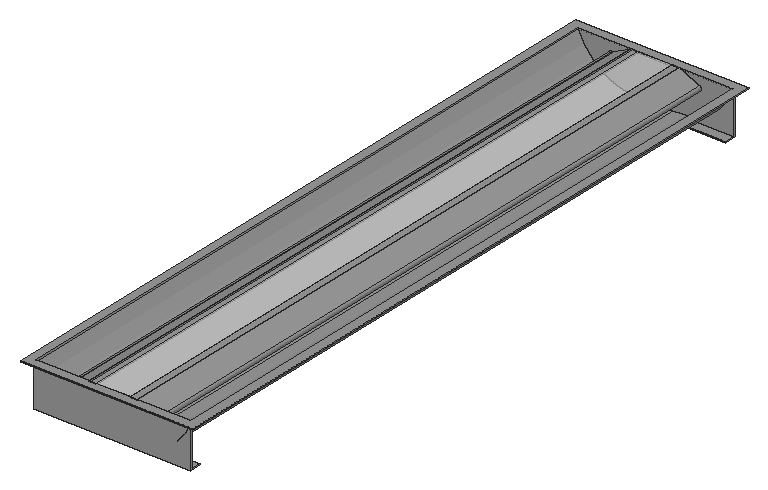
Revit family "44287", category Lighting Fixtures, host Face, Revit 2018
Family settings
  Host = Face
  Round Connector Dimension = Use Diameter
  Part Type = Normal
  OmniClass Number = 23.80.70.11.17
  OmniClass Title = Specialized Lighting by Location or Use
  Cut with Voids When Loaded = No
  Light Source = Yes
  Shared = No
  Room Calculation Point = No
Parameters (values of type "0044287 RUBICO LED 1200 HE 4K DALI CB")
  Width = 1196.0 mm
  Weight = 4.6 kg
  Wattage Comments = ""
  Wattage = 23.6608 W
  built-in parameter 1150110 = 1 (stored number, unit not read)
  Voltage Comments = "UNI ( Universal Voltage; 230-240 Volt )"  # constant formula
  Voltage = 230 V  # constant formula
  URL = "0"
  built-in parameter 1114217 = 1 (stored number, unit not read)
  Tilt Angle = -90.00°
  built-in parameter 1150109 = 1 (stored number, unit not read)
  built-in parameter 1150134 = (empty or 0)
  built-in parameter 1150113 = 1 (stored number, unit not read)
  Reflector Material = Steel_Sylvania_Rubico LED_White_RAL 9016
  Product Page URL = "http://www.sylvania-lighting.com/product/en-int/products/0044336"
  Product Family = "RUBICO LED - DALI DIMMABLE & EMERGENCY 3 HOUR"  # constant formula
  Photometry Comments = ""
  Photometric Web File = "0044287.ies"
  Life = "50 000h"  # constant formula
  Length = 296.0 mm
  LOR = "1"
  Keynote = "n/a"
  IP Rating = "IP20"  # constant formula
  IK Rating = "IK07"  # constant formula
  Housing Material = Steel_Sylvania_Rubico LED_White_RAL 9016
  Height = 75.0 mm
  Glow Wire Test = 850 °C  # constant formula
  Glare Control = "19>"  # constant formula
  Energy Class = "A++, A+, A"  # constant formula
  Emit from Rectangle Width = Cutout Length - 4.0 mm  # 266.0 mm
  Emit from Rectangle Length = Cutout Width - 4.0 mm  # 1166.0 mm
  Emit Shape Visible in Rendering = no
  Electrical Protection = "CLASS1"  # constant formula
  Drive Current = "700mA"  # constant formula
  Diffuser Width = Length - 236.0 mm  # 60.0 mm
  Diffuser 2 Material = Polycarbonate_Sylvania_Rubico LED_Clear
  Diffuser 1 Material = Steel_Sylvania_Rubico LED_White_RAL 9016
  Cutout Width = Width - 26.0 mm  # 1170.0 mm
  Cutout Length = Length - 26.0 mm  # 270.0 mm
  built-in parameter 1114216 [instance] = 1 (stored number, unit not read)
  Model = "RUBICO LED 1200x300 HE 4K CB"
  Manufacturer = ""
  built-in parameter 1150105 = 152.44 (stored number, unit not read)
  Lumens = 1915.58 lm
  built-in parameter 1150115 = 1 (stored number, unit not read)
  built-in parameter 1150137 = (empty or 0)
  built-in parameter 1150139 = (empty or 0)
  built-in parameter 1150112 = 1 (stored number, unit not read)
  built-in parameter 1150114 = 1 (stored number, unit not read)
  Lamp = "n/a"
  built-in parameter 1150132 = 2
  built-in parameter 1150102 = (empty or 0)
  built-in parameter 1150107 = (empty or 0)
  built-in parameter 1150138 = (empty or 0)
  built-in parameter 1150106 = 1.5244 (stored number, unit not read)
  built-in parameter 1150104 = 7.5214 (stored number, unit not read)
  Dimming Lamp Color Temperature Shift = <None>
  Description = "Direct and Indirect light distribution. 31W - 46W LED recessed luminaire. Rubico LED Gen 2 is perfect for Office circulation areas, Corridors . Available with Micro Prismatic Optic (MPO) with satin side diffuser. Available in recessed (600x600 and 1200x300) . Rubico LED Gen 2 delivers high output up to 3,656lm (luminaire lumen output on 4,000K version). Rana LED delivers high efficiency up to 84lm/W (total system efficiency). Available in warm white (3,000K) and neutral white (4,000K). Energy efficient electronic gear including DALI and 3 hour emergency versions as standard. Long lifetime: 50,000 hours life at 70% of the original output L70. Less maintenance is required due to the long lifetime of 50,000hrs. Energy Class: A++, A+, A. LED technology provides an energy efficient solution with reduced maintenance costs. Comes complete with safety cable. Complete with protective film and quick connector for easy installation"  # constant formula
  Default Elevation = 0.0 mm
  Color Filter = 16777215
  Catalog Number = "0044336 RUBICO 300*1200 DALI E3 LED 4000 G2"
  built-in parameter 1140040 [instance] = 1
  CRI(Ra) = ">80"  # constant formula
  Body Material = Steel_Sylvania_Rubico LED_White_RAL 9016
  built-in parameter 1114218 = 1 (stored number, unit not read)
  built-in parameter 1150133 = 10 (stored number, unit not read)
  Assembly Code = "D5020200"
  Apparent Load Comments = ""
  Apparent Load = 26 VA
  Ambient temperature for maximum luminous flux (°C) = "25"  # constant formula
  Accessory Material = Steel_Sylvania_Rubico LED_White_RAL 9016
Reference planes
  plane 1 "Center (Front/Back)": y = 0
  plane 2: z = -5
  plane 3 "Center (Left/Right)": x = -27.322
  plane 4 "Housing Left": x = -162.322
  plane 5 "Housing Right": x = 107.678
  plane 6 "Housing Front": y = 585
  plane 7 "Housing Back": y = -585
  plane 8 "Fixture Right": x = 120.678
  plane 9 "Fixture Left": x = -175.322
  plane 10 "Fixture Front": y = 598
  plane 11 "Fixture Back": y = -598
  plane 12 "Fixture Top": z = -73
  plane 13 "Fixture Bottom": z = 0
  plane 14 "Profile Front": y = 583
  plane 15 "Profile Back": y = -583
  plane 16 "Profile Left": x = -160.322
  plane 17 "Profile Right": x = 105.678
  plane 18 "Diffuser Bottom": z = 0
  plane 19 "Diffuser Top": z = -2
  plane 20 "Accessory Left": x = -67.322
  plane 21 "Accessory Right": x = 12.678
  plane 22 "Diffuser Left": x = -57.322
  plane 23 "Diffuser Right": x = 2.678
  plane 24: z = -75
Forms (mm)
  Extrusion 1, void
    sketch origin (0, 0, 59) x (-1, 0, 0) y (0, -1, 0)
      loop
        line (-107.678, -585) -> (162.322, -585) -> (162.322, 585) -> (-107.678, 585) -> (-107.678, -585)
    from -132 to -61
  Extrusion 2, solid, material "Steel_Sylvania_Rubico LED_White_RAL 9016" <- "Housing Material", detail levels fine
    sketch origin (0, 0, 59) x (-1, 0, 0) y (0, -1, 0)
      loop
        line (175.322, -598) -> (175.322, 598) -> (-120.678, 598) -> (-120.678, -598) -> (175.322, -598)
      loop
        line (162.322, -585) -> (162.322, 585) -> (-107.678, 585) -> (-107.678, -585) -> (162.322, -585)
    from -61 to -59
  Extrusion 3, solid, material "Steel_Sylvania_Rubico LED_White_RAL 9016" <- "Housing Material", detail levels fine
    sketch origin (0, 0, 0) x (1, 0, 0) y (0, 0, 1)
      loop
        line (-57.322, -73) -> (2.678, -73)
        arc (2.678, -73) -> (66.054, -53.584) -> (107.678, -2) r 113.141
        line (107.678, -2) -> (107.678, 0) -> (105.678, 0) -> (105.678, -2)
        arc (105.678, -2) -> (64.666, -52.156) -> (2.678, -71) r 111.377
        line (2.678, -71) -> (-57.322, -71)
        arc (-57.322, -71) -> (-119.31, -52.156) -> (-160.322, -2) r 111.377
        line (-160.322, -2) -> (-160.322, 0) -> (-162.322, 0) -> (-162.322, -2)
        arc (-162.322, -2) -> (-120.698, -53.584) -> (-57.322, -73) r 113.141
    from -583 to 583
  Extrusion 4, solid, material "Steel_Sylvania_Rubico LED_White_RAL 9016" <- "Housing Material", detail levels fine
    sketch origin (0, 0, 0) x (1, 0, 0) y (0, 0, 1)
      loop
        line (107.678, 0) -> (-162.322, 0) -> (-162.322, -73) -> (107.678, -73) -> (107.678, 0)
    from 583 to 585
  Extrusion 5, solid, material "Steel_Sylvania_Rubico LED_White_RAL 9016" <- "Housing Material", detail levels fine
    sketch origin (0, 0, 0) x (1, 0, 0) y (0, 0, 1)
      loop
        line (-162.322, 0) -> (-162.322, -73) -> (107.678, -73) -> (107.678, 0) -> (-162.322, 0)
    from -585 to -583
  Extrusion 6, solid, material "Steel_Sylvania_Rubico LED_White_RAL 9016" <- "Diffuser 1 Material", detail levels fine
    sketch origin (0, 0, 0) x (1, 0, 0) y (0, 0, 1)
      loop
        line (12.678, 0) -> (12.678, -2) -> (14.734, -2) -> (47.833, -17.434)
        arc (47.833, -17.434) -> (49.284, -21.421) -> (45.297, -22.872) r 3
        line (45.297, -22.872) -> (44.452, -24.684)
        arc (44.452, -24.684) -> (51.096, -22.266) -> (48.678, -15.621) r 5
        line (48.678, -15.621) -> (15.178, 0) -> (12.678, 0)
      loop
        line (-67.322, 0) -> (-69.822, 0) -> (-103.322, -15.621)
        arc (-103.322, -15.621) -> (-105.741, -22.266) -> (-99.096, -24.684) r 5
        line (-99.096, -24.684) -> (-99.941, -22.872)
        arc (-99.941, -22.872) -> (-103.928, -21.421) -> (-102.477, -17.434) r 3
        line (-102.477, -17.434) -> (-69.379, -2) -> (-67.322, -2) -> (-67.322, 0)
    from -583 to 583
  Extrusion 7, solid, material "Steel_Sylvania_Rubico LED_White_RAL 9016" <- "Accessory Material", detail levels fine
    sketch origin (0, 0, 59) x (-1, 0, 0) y (0, -1, 0)
      loop
        line (57.322, -583) -> (67.322, -583) -> (67.322, 583) -> (57.322, 583) -> (57.322, -583)
      loop
        line (-2.678, -583) -> (-2.678, 583) -> (-12.678, 583) -> (-12.678, -583) -> (-2.678, -583)
    from -61 to -59
  Extrusion 8, solid, material "Polycarbonate_Sylvania_Rubico LED_Clear" <- "Diffuser 2 Material", detail levels fine
    sketch origin (0, 0, 59) x (-1, 0, 0) y (0, -1, 0)
      loop
        line (-2.678, -583) -> (57.322, -583) -> (57.322, 583) -> (-2.678, 583) -> (-2.678, -583)
    from -61 to -59
  Extrusion 9, solid, material "Steel_Sylvania_Rubico LED_White_RAL 9016" <- "Housing Material", detail levels coarse+medium
    sketch origin (0, 0, 59) x (-1, 0, 0) y (0, -1, 0)
      loop
        line (-120.678, -598) -> (175.322, -598) -> (175.322, 598) -> (-120.678, 598) -> (-120.678, -598)
    from -61 to -59
  Extrusion 10, solid, material "Steel_Sylvania_Rubico LED_White_RAL 9016" <- "Housing Material", detail levels coarse+medium
    sketch origin (0, 0, 0) x (1, 0, 0) y (0, 0, 1)
      loop
        line (-162.322, 0) -> (-162.322, -75) -> (107.678, -75) -> (107.678, 0) -> (-162.322, 0)
    from -585 to 585
  Extrusion 11, void
    sketch origin (0, 0, 59) x (-1, 0, 0) y (0, -1, 0)
      loop
        line (175.322, -598) -> (175.322, 598) -> (-120.678, 598) -> (-120.678, -598) -> (175.322, -598)
    from -61 to -59
  Extrusion 12, solid, material "Steel_Sylvania_Rubico LED_White_RAL 9016" <- "Housing Material", detail levels fine
    sketch origin (0, 0, 59) x (-1, 0, 0) y (0, -1, 0)
      loop
        line (162.322, -585) -> (162.322, -565) -> (-107.678, -565) -> (-107.678, -585) -> (162.322, -585)
      loop
        line (162.322, 585) -> (-107.678, 585) -> (-107.678, 565) -> (162.322, 565) -> (162.322, 585)
    from -134 to -132
Cuts and joins
  joined: Extrusion 2, Extrusion 3, Extrusion 4, Extrusion 5, Extrusion 12
  joined: Extrusion 9, Extrusion 10
Dimensions and locks
  equal spacing: plane 6 "Housing Front", plane 1 "Center (Front/Back)", plane 7 "Housing Back"
  equal spacing: plane 4 "Housing Left", plane 3 "Center (Left/Right)", plane 5 "Housing Right"
  "Cutout Length": plane 4 "Housing Left" to plane 5 "Housing Right"
  equal spacing: plane 9 "Fixture Left", plane 3 "Center (Left/Right)", plane 8 "Fixture Right"
  "Length": plane 9 "Fixture Left" to plane 8 "Fixture Right"
  equal spacing: plane 11 "Fixture Back", plane 1 "Center (Front/Back)", plane 10 "Fixture Front"
  "Width": plane 10 "Fixture Front" to plane 11 "Fixture Back"
  locked: plane 15 "Profile Back" to plane 7 "Housing Back" at 2
  locked: plane 14 "Profile Front" to plane 6 "Housing Front" at 2
  locked: plane 17 "Profile Right" to plane 5 "Housing Right" at 2
  locked: plane 4 "Housing Left" to plane 16 "Profile Left" at 2
  "Cutout Width": plane 6 "Housing Front" to plane 7 "Housing Back"
  equal spacing: plane 22 "Diffuser Left", plane 3 "Center (Left/Right)", plane 23 "Diffuser Right"
  "Diffuser Width": plane 22 "Diffuser Left" to plane 23 "Diffuser Right"
  plane 18 "Diffuser Bottom" to plane 19 "Diffuser Top" to plane 2 = 2.0 mm locked, 3.0 mm locked
  locked: Extrusion 6 sketch curve to Extrusion 6 sketch curve at 2  (x2)
  Extrusion 6 sketch curve to Extrusion 6 sketch curve to plane 20 "Accessory Left" = 33.5 mm locked, 2.5 mm locked
  Extrusion 6 sketch curve to Extrusion 6 sketch curve to plane 21 "Accessory Right" = 33.5 mm locked, 2.5 mm locked
  locked: plane 23 "Diffuser Right" to plane 21 "Accessory Right" at 10
  locked: plane 20 "Accessory Left" to plane 22 "Diffuser Left" at 10
  "Height": plane 18 "Diffuser Bottom" to plane 24
  locked: plane 6 "Housing Front" to Extrusion 12 sketch curve at 20
  locked: Extrusion 12 sketch curve to plane 7 "Housing Back" at 20
  locked: plane 12 "Fixture Top" to plane 24 at 2
  locked: Extrusion 3 sketch curve to plane 24 at 73  (x4)
  aligned and locked: host face to level
  aligned and locked: plane 6 "Housing Front" to Extrusion 1 sketch curve
  aligned and locked: plane 5 "Housing Right" to Extrusion 1 sketch curve
  aligned and locked: Extrusion 1 sketch curve to plane 7 "Housing Back"
  aligned and locked: Extrusion 1 sketch curve to plane 4 "Housing Left"
  aligned and locked: Extrusion 1 to plane 12 "Fixture Top"
  aligned and locked: Extrusion 2 sketch curve to plane 10 "Fixture Front"
  aligned and locked: plane 9 "Fixture Left" to Extrusion 2 sketch curve
  aligned and locked: Extrusion 2 sketch curve to plane 11 "Fixture Back"
  aligned and locked: Extrusion 2 sketch curve to plane 8 "Fixture Right"
  aligned and locked: plane 13 "Fixture Bottom" to Extrusion 2
  aligned and locked: plane 13 "Fixture Bottom" to Extrusion 4 sketch curve
  aligned and locked: Extrusion 4 to plane 7 "Housing Back"
  aligned and locked: Extrusion 4 to plane 15 "Profile Back"
  aligned and locked: Extrusion 5 sketch curve to plane 13 "Fixture Bottom"
  aligned and locked: plane 6 "Housing Front" to Extrusion 5
  aligned and locked: plane 14 "Profile Front" to Extrusion 5
  aligned and locked: Extrusion 7 sketch curve to plane 14 "Profile Front"
  aligned and locked: plane 22 "Diffuser Left" to Extrusion 7 sketch curve
  aligned and locked: Extrusion 6 to Extrusion 7 sketch curve
  aligned and locked: plane 14 "Profile Front" to Extrusion 7 sketch curve
  aligned and locked: Extrusion 7 sketch curve to plane 23 "Diffuser Right"
  aligned and locked: Extrusion 7 sketch curve to Extrusion 6  (x2)
  aligned and locked: plane 19 "Diffuser Top" to Extrusion 7
  aligned and locked: Extrusion 7 to plane 18 "Diffuser Bottom"
  aligned and locked: Extrusion 7 to Extrusion 8 sketch curve  (x2)
  aligned and locked: Extrusion 8 sketch curve to Extrusion 7  (x2)
  aligned and locked: plane 19 "Diffuser Top" to Extrusion 8
  aligned and locked: Extrusion 8 to plane 18 "Diffuser Bottom"
  aligned and locked: plane 13 "Fixture Bottom" to Extrusion 9
  aligned and locked: plane 3 "Center (Left/Right)" to imposter light
  aligned and locked: plane 1 "Center (Front/Back)" to imposter light
  aligned and locked: plane 13 "Fixture Bottom" to imposter light
  aligned and locked: Extrusion 10 sketch curve to imposter light
  aligned and locked: Extrusion 10 to plane 7 "Housing Back"
  aligned and locked: plane 6 "Housing Front" to Extrusion 10
  aligned and locked: Extrusion 11 sketch curve to plane 8 "Fixture Right"
  aligned and locked: plane 9 "Fixture Left" to Extrusion 11 sketch curve
  aligned and locked: Extrusion 11 sketch curve to plane 10 "Fixture Front"
  aligned and locked: Extrusion 11 sketch curve to plane 11 "Fixture Back"
  aligned and locked: level to Extrusion 11
  aligned and locked: level to plane 13 "Fixture Bottom"
  aligned and locked: Extrusion 7 sketch curve to plane 20 "Accessory Left"
  aligned and locked: Extrusion 6 sketch curve to plane 21 "Accessory Right"
  aligned and locked: Extrusion 6 sketch curve to plane 20 "Accessory Left"
  aligned and locked: plane 23 "Diffuser Right" to Extrusion 3 sketch curve
  aligned and locked: plane 22 "Diffuser Left" to Extrusion 3 sketch curve
  aligned and locked: Extrusion 3 sketch curve to plane 12 "Fixture Top"
  aligned and locked: Extrusion 10 sketch curve to plane 5 "Housing Right"
  aligned and locked: Extrusion 10 sketch curve to plane 4 "Housing Left"
  aligned and locked: Extrusion 4 sketch curve to plane 4 "Housing Left"
  aligned and locked: Extrusion 4 sketch curve to plane 5 "Housing Right"
  aligned and locked: Extrusion 2 sketch curve to Extrusion 10  (x3)
  aligned and locked: Extrusion 2 sketch curve to Extrusion 4
  aligned and locked: Extrusion 3 sketch curve to plane 17 "Profile Right"
  aligned and locked: Extrusion 3 sketch curve to plane 5 "Housing Right"
  aligned and locked: host face to Extrusion 3 sketch curve
  aligned and locked: Extrusion 3 sketch curve to plane 4 "Housing Left"
  aligned and locked: Extrusion 3 sketch curve to plane 16 "Profile Left"
  aligned and locked: Extrusion 2 to Extrusion 3 sketch curve
  aligned and locked: Extrusion 5 sketch curve to plane 4 "Housing Left"
  aligned and locked: Extrusion 5 sketch curve to plane 5 "Housing Right"
  aligned and locked: plane 19 "Diffuser Top" to cut or joined group of Extrusion 2, Extrusion 3, Extrusion 4, Extrusion 5, Extrusion 12
  aligned and locked: plane 19 "Diffuser Top" to Extrusion 9
  aligned and locked: plane 19 "Diffuser Top" to Extrusion 11
  aligned and locked: Extrusion 1 to plane 19 "Diffuser Top"
  aligned and locked: Extrusion 12 sketch curve to plane 6 "Housing Front"
  aligned and locked: Extrusion 12 to plane 24
  aligned and locked: plane 12 "Fixture Top" to Extrusion 12
  aligned and locked: plane 4 "Housing Left" to Extrusion 12 sketch curve  (x2)
  aligned and locked: Extrusion 12 sketch curve to plane 5 "Housing Right"
  aligned and locked: Extrusion 5 sketch curve to plane 12 "Fixture Top"
  aligned and locked: Extrusion 4 sketch curve to plane 12 "Fixture Top"
  aligned and locked: Extrusion 12 sketch curve to plane 7 "Housing Back"
  aligned and locked: plane 5 "Housing Right" to Extrusion 12 sketch curve
  aligned and locked: Extrusion 10 sketch curve to plane 24
  aligned and locked: plane 16 "Profile Left" to Extrusion 3 sketch curve
  aligned and locked: plane 4 "Housing Left" to Extrusion 3 sketch curve
  aligned and locked: plane 5 "Housing Right" to Extrusion 3 sketch curve
  aligned and locked: plane 17 "Profile Right" to Extrusion 3 sketch curve
  aligned and locked: plane 14 "Profile Front" to cut or joined group of Extrusion 2, Extrusion 3, Extrusion 4, Extrusion 5, Extrusion 12
  aligned and locked: plane 15 "Profile Back" to Extrusion 3
  aligned and locked: Extrusion 3 to Extrusion 4
  aligned and locked: plane 15 "Profile Back" to Extrusion 6
  aligned and locked: Extrusion 6 to plane 14 "Profile Front"
  aligned and locked: Extrusion 3 to plane 14 "Profile Front"
Automatic sketch dimensions
  host sketch curve to host sketch curve = 1874.119 mm
  host sketch curve to host sketch curve = 1731.672 mm
  Extrusion 9 sketch curve to plane 8 "Fixture Right" = 0.0 mm
  Extrusion 9 sketch curve to plane 9 "Fixture Left" = 0.0 mm
  Extrusion 9 sketch curve to plane 10 "Fixture Front" = 0.0 mm
  plane 11 "Fixture Back" to Extrusion 9 sketch curve = 0.0 mm
  Extrusion 6 sketch curve to Extrusion 6 sketch curve = 0.0 mm  (x5)
  Extrusion 6 sketch curve to level = 0.0 mm  (x2)
  Extrusion 6 sketch curve to plane 19 "Diffuser Top" = 0.0 mm  (x2)
  Extrusion 6 sketch curve to Extrusion 6 sketch curve = 0.443 mm  (x2)
  Extrusion 6 sketch curve to Extrusion 6 sketch curve = 4.226 mm  (x2)
  Extrusion 6 sketch curve to plane 2 = 12.434 mm  (x2)
  Extrusion 6 sketch curve to Extrusion 6 sketch curve = 1.268 mm  (x2)
  Extrusion 3 sketch curve to plane 22 "Diffuser Left" = 0.0 mm
  plane 23 "Diffuser Right" to Extrusion 3 sketch curve = 0.0 mm
  Extrusion 3 sketch curve to Extrusion 3 sketch curve = 2.0 mm
  Extrusion 6 sketch curve to plane 20 "Accessory Left" = 32.619 mm
  Extrusion 6 sketch curve to Extrusion 6 sketch curve = 0.845 mm
  Extrusion 6 sketch curve to Extrusion 6 sketch curve = 7.25 mm
  Extrusion 6 sketch curve to plane 2 = 19.684 mm
Connectors
  electrical at (-27.322, 0, -73), driven by "Voltage", driven by "Apparent Load"
    settings: index 1, voltage 230 V, apparent load 0 VA, apparent load phase1 26 VA, apparent load phase2 0 VA, apparent load phase3 0 VA, power factor 1, load classification "Lighting", number of poles 1, system type 31, power factor state 1, is connector primary yes, connector utility no, sub classification motor no, connector description ""
